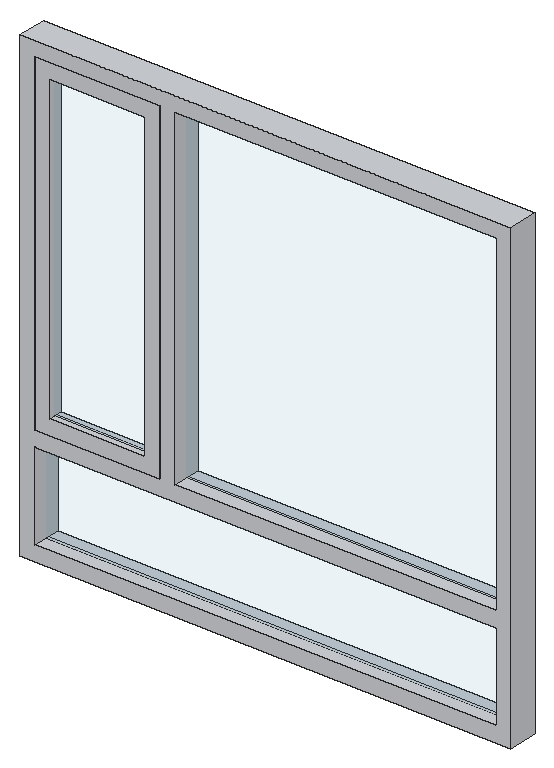
Revit family "W3_鋁窗", category 窗, Revit 2014
Parameters (values of type "200 x 190 cm")
  熱阻 (R) = 0.271106 (m²·K)/W
  Visual Light Transmittance = 0.9
  Solar Heat Gain Coefficient = 0.78
  營造類型 Id = "GSP4R"
  Height = 1900 mm
  傳熱係數 (U) = 3.6886 W/(m²·K)
  預設窗台高度 = 450 mm
  關鍵註記 = "固定窗-矩形"
  Rough Height = Height  # 1900 mm
  Rough Width = Width  # 2000 mm
  玻璃材質 = 玻璃
  牆封閉 = 依主體
  Width = 2000 mm
  裝飾外框材料 = none
  裝飾外框寬度 = 60 mm
  裝飾外框厚度 = 60 mm
  解析營造 = "1/8 英吋 Pilkington 單層鑲嵌玻璃"
Reference planes
  plane 1: y = 0
  plane 2 "中心 (左/右)": x = 0
  plane 3 "左": x = -1000
  plane 4 "右": x = 1000
  plane 5 "窗台": z = 450
  plane 6 "標頭": z = 2350
  plane 7 "外部": y = 75
  plane 8 "內部": y = -75
  plane 9: z = 900
  plane 10: x = -430
Forms (mm)
  Extrusion 1, solid, material <- "裝飾外框材料"
    sketch origin (-5000, 0, 0) x (1, 0, 0) y (0, 0, 1)
      loop
        line (6000, 2350) -> (4000, 2350) -> (4000, 450) -> (6000, 450) -> (6000, 2350)
      loop
        line (5940, 2290) -> (4630, 2290) -> (4630, 930) -> (5940, 930) -> (5940, 2290)
      loop
        line (5940, 510) -> (5940, 870) -> (4060, 870) -> (4060, 510) -> (5940, 510)
      loop
        line (4060, 2290) -> (4060, 930) -> (4570, 930) -> (4570, 2290) -> (4060, 2290)
    from -60 to 60
  Extrusion 2, solid, material "玻璃" <- "玻璃材質"
    sketch origin (-5000, 0, 0) x (1, 0, 0) y (0, 0, 1)
      loop
        line (5940, 2290) -> (4630, 2290) -> (4630, 930) -> (5940, 930) -> (5940, 2290)
      loop
        line (5940, 870) -> (4060, 870) -> (4060, 510) -> (5940, 510) -> (5940, 870)
    from 5 to -5
Lines and regions (mm)
  Opening 1
    outline origin (3500, -75, 0) x (1, 0, 0) y (0, 0, 1)
      loop
        line (-2500, 450) -> (-2500, 2350) -> (-4500, 2350) -> (-4500, 450) -> (-2500, 450)
  symbolic lines, style "立面圖打開方向"
    curve 1: line (-430, 0, 2290) -> (-940, 0, 1660)
    curve 2: line (-940, 0, 1660) -> (-430, 0, 930)
Text (mm)
  text "外部" at (-1963.203, 1332.353, 0), in view "參考樓層"
  text "內部" at (-1981.466, -818.386, 0), in view "參考樓層"
  text "外部" at (0, 923.751, 2943.296), in view "右"
  text "外部" at (0, 1040.484, 2685.409), in view "左"
Dimensions and locks
  equal spacing: plane 3 "左", plane 2 "中心 (左/右)", plane 4 "右"
  "Width": plane 3 "左" to plane 4 "右"
  "Height": plane 5 "窗台" to plane 6 "標頭"
  "預設窗台高度": plane 5 "窗台" to level
  locked: plane 7 "外部" to host wall at 0
  locked: plane 8 "內部" to host wall
  locked: plane 5 "窗台" to plane 9 at 450
  locked: plane 3 "左" to plane 10 at 570
  aligned and locked: plane 10 to nested 1
  aligned and locked: Extrusion 1 to Extrusion 2  (x7)
  aligned and locked: Extrusion 2 to Extrusion 2
  aligned and locked: plane 10 to Extrusion 1
  aligned and locked: nested 1 to Extrusion 1  (x3)
  aligned and locked: Extrusion 1 to curve 1  (x2)
Automatic sketch dimensions
  plane 3 "左" to Opening 1 sketch curve = 0 mm
  plane 4 "右" to Opening 1 sketch curve = 0 mm
  Opening 1 sketch curve to plane 5 "窗台" = 0 mm
  Opening 1 sketch curve to plane 6 "標頭" = 0 mm
  plane 3 "左" to Extrusion 1 sketch curve = 0 mm
  plane 4 "右" to Extrusion 1 sketch curve = 0 mm
  Extrusion 1 sketch curve to plane 5 "窗台" = 0 mm
  Extrusion 1 sketch curve to plane 6 "標頭" = 0 mm
  Extrusion 1 sketch curve to plane 3 "左" = 60 mm  (x2)
  plane 4 "右" to Extrusion 1 sketch curve = 60 mm  (x2)
  Extrusion 1 sketch curve to plane 5 "窗台" = 60 mm
  Extrusion 1 sketch curve to plane 9 = 30 mm
  plane 9 to Extrusion 1 sketch curve = 30 mm  (x2)
  plane 6 "標頭" to Extrusion 1 sketch curve = 60 mm  (x2)
  plane 10 to Extrusion 1 sketch curve = 0 mm
  Extrusion 1 sketch curve to plane 10 = 60 mm
  plane 4 "右" to Extrusion 2 sketch curve = 60 mm  (x2)
  Extrusion 2 sketch curve to plane 5 "窗台" = 60 mm
  Extrusion 2 sketch curve to plane 10 = 60 mm
  Extrusion 2 sketch curve to plane 3 "左" = 60 mm
  Extrusion 2 sketch curve to plane 9 = 30 mm
  plane 9 to Extrusion 2 sketch curve = 30 mm
  plane 6 "標頭" to Extrusion 2 sketch curve = 60 mm
  plane 9 to curve 1 = 760 mm
  plane 10 to curve 2 = 0 mm
  plane 9 to curve 2 = 30 mm
  plane 6 "標頭" to curve 1 = 60 mm
Nested families
  nested 1: "窗框" at (-417.572, 919.367, -70) x (-1, 0, 0) z (0, 0, 1), type "窗框"
    with Height 1360 mm, Width 510 mm, Rough Height 1360 mm, Rough Width 510 mm
Definition of nested family "窗框"
  Parameters (values of type "窗框")
    Height [instance] = 500 mm
    護桿寬度 = 20 mm
    護桿厚度 = 10 mm
    Rough Height = 500 mm
    Rough Width = 600 mm
    Width [instance] = 600 mm
    裝飾外框材料 = none
    玻璃材質 = none
    玻璃厚度 = 10 mm
    裝飾外框寬度 = 60 mm
    裝飾外框厚度 = 60 mm
    Assembly Code = ""
  Reference planes
    plane 1 "中心 (前/後)": y = -919.367
    plane 2: z = 0
    plane 3 "中心 (左/右)": x = 267.428
    plane 4 "玻璃-上": y = -944.367
    plane 5 "玻璃-下": y = -954.367
    plane 6: y = -979.367
    plane 7: x = -32.572
    plane 8: x = 567.428
    plane 9: x = 27.428
    plane 10: x = 507.428
    plane 11: z = 1440
    plane 12: z = 1500
    plane 13: z = 1060
    plane 14: z = 1000
    plane 15: y = -949.367
  Forms (mm)
    Extrusion 1, solid, material <- "玻璃材質"
      sketch origin (-1499.274, -949.367, 1200) x (-1, 0, 0) y (0, 0, 1)
        loop
          line (-1526.702, 240) -> (-2006.702, 240) -> (-2006.702, -140) -> (-1526.702, -140) -> (-1526.702, 240)
      from -5 to 5
    Extrusion 2, solid, material <- "裝飾外框材料"
      sketch origin (-1499.274, -949.367, 1200) x (-1, 0, 0) y (0, 0, 1)
        loop
          line (-1466.702, 300) -> (-2066.702, 300) -> (-2066.702, -200) -> (-1466.702, -200) -> (-1466.702, 300)
        loop
          line (-1526.702, 240) -> (-2006.702, 240) -> (-2006.702, -140) -> (-1526.702, -140) -> (-1526.702, 240)
      from -30 to 30
  Dimensions and locks
    equal spacing: plane 10, plane 3 "中心 (左/右)", plane 9
    "裝飾外框寬度": plane 8 to plane 10
    "裝飾外框寬度": plane 9 to plane 7
    "裝飾外框寬度": plane 12 to plane 11
    "Width": plane 8 to plane 7
    "裝飾外框寬度": plane 13 to plane 14
    "Height": plane 12 to plane 14
    plane 14 to level = 1000 mm
    equal spacing: plane 4 "玻璃-上", plane 15, plane 5 "玻璃-下"
    "玻璃厚度": plane 4 "玻璃-上" to plane 5 "玻璃-下"
    equal spacing: plane 6, plane 15, plane 1 "中心 (前/後)"
    "裝飾外框厚度": plane 6 to plane 1 "中心 (前/後)"
    aligned and locked: Extrusion 1 sketch curve to plane 11
    aligned and locked: plane 9 to Extrusion 1 sketch curve
    aligned and locked: Extrusion 1 sketch curve to plane 10
    aligned and locked: plane 13 to Extrusion 1 sketch curve
    aligned and locked: plane 7 to Extrusion 2 sketch curve
    aligned and locked: Extrusion 2 sketch curve to plane 12
    aligned and locked: Extrusion 2 sketch curve to plane 8
    aligned and locked: plane 9 to Extrusion 2 sketch curve
    aligned and locked: plane 13 to Extrusion 2 sketch curve
    aligned and locked: Extrusion 2 sketch curve to plane 10
    aligned and locked: Extrusion 2 sketch curve to plane 11
    aligned and locked: Extrusion 2 sketch curve to plane 14
    aligned and locked: plane 2 to level
    aligned and locked: plane 6 to Extrusion 2
    aligned and locked: plane 1 "中心 (前/後)" to Extrusion 2
    aligned and locked: plane 5 "玻璃-下" to Extrusion 1
    aligned and locked: plane 4 "玻璃-上" to Extrusion 1
